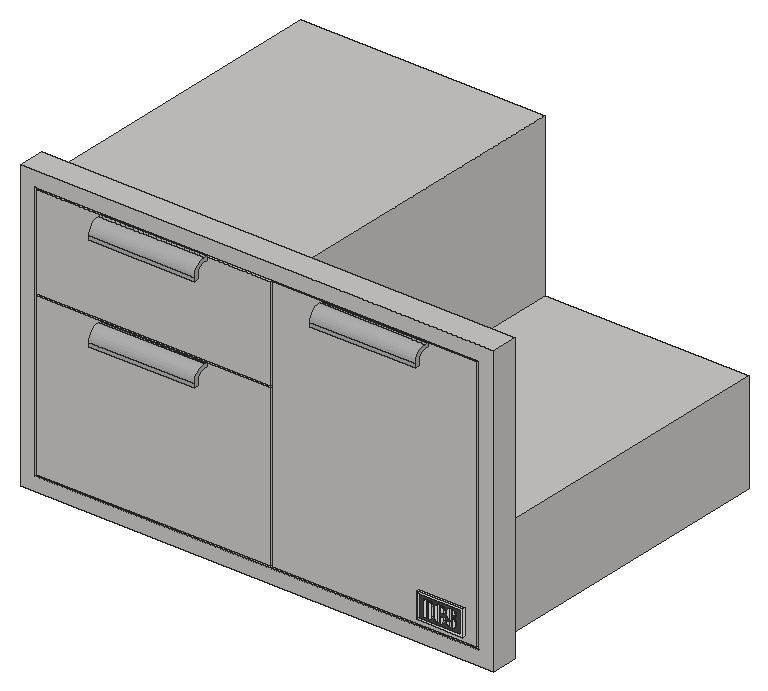
Revit family "DCS_Revit_18_ADR2-36_Storage_593512A", category Specialty Equipment, Revit 2018
Family settings
  Round Connector Dimension = Use Diameter
  Part Type = Normal
  OmniClass Number = 23.40.40.14.17.21
  OmniClass Title = Grills
  Work Plane-Based = No
  Always vertical = Yes
  Cut with Voids When Loaded = Yes
  Shared = No
  Room Calculation Point = No
Parameters (values of type "ADR2-36")
  Visibility - Clearance Required = yes
  URL = "www.dcsappliances.com"
  Product - Width = 914 mm  # constant formula
  Product - Height = 556 mm  # constant formula
  Product - Depth = 676 mm  # constant formula
  Model = "ADR2-36"
  Material - Handle = DCS - Aluminium
  Material - Body = DCS - Stainless Steel
  Manufacturer = "Fisher & Paykel"
  Keynote = ""
  Description = "36\" Access Drawers Built-in"
  Chassis - Width = 864 mm  # constant formula
  Chassis - Height = 507 mm  # constant formula
  Chassis - Depth = 595 mm  # constant formula
  Cavity - Width = 864 mm  # constant formula
  Cavity - Height = 508 mm  # constant formula
  Cavity - Depth = 597 mm  # constant formula
Reference planes
  plane 1 "Center (Front/Back)": y = 0
  plane 2: z = 0
  plane 3 "Center (Left/Right)": x = 0
  plane 4 "Cavity - Height": z = 508
  plane 5 "Product LHS": x = -457
  plane 6 "Product RHS": x = 457
  plane 7 "Product - Depth": y = 595
  plane 8 "Cavity LHS": x = -432
  plane 9 "Cavity RHS": x = 432
  plane 10 "Cavity - Depth": y = 597
  plane 11 "Product - Front": y = -81
  plane 12 "Chassis LHS": x = -432
  plane 13 "Chassis RHS": x = 432
  plane 14 "Product - Height": z = 531
  plane 15 "Chassis - Height": z = 507
  plane 16 "Product - Lower": z = -25
Forms (mm)
  Extrusion 1, solid, material "DCS - Stainless Steel" <- "Material - Body"
    sketch origin (0, 0, 0) x (1, 0, 0) y (0, 0, 1)
      loop
        line (-457, 531) -> (-457, -25) -> (457, -25) -> (457, 531) -> (-457, 531)
      loop
        line (428.4, 3.6) -> (428.4, 502.4) -> (-428.4, 502.4) -> (-428.4, 3.6) -> (428.4, 3.6)
      loop
        line (-425.2, 499.263) -> (-425.2, 318.263) -> (27.2, 318.263) -> (27.2, 499.263) -> (-425.2, 499.263)
      loop
        line (-425.2, 6.737) -> (27.2, 6.737) -> (27.2, 315.063) -> (-425.2, 315.063) -> (-425.2, 6.737)
      loop
        line (425.2, 6.737) -> (425.2, 499.263) -> (30.8, 499.263) -> (30.8, 6.737) -> (425.2, 6.737)
    from 0 to 51
  Extrusion 2, solid, material "DCS - Stainless Steel" <- "Material - Body"
    sketch origin (0, 0, 0) x (1, 0, 0) y (0, 0, 1)
      loop
        line (-432, 507) -> (-432, 0) -> (432, 0) -> (432, 194.016) -> (38.357, 194.016) -> (38.357, 507) -> (-432, 507)
    from -595 to 0
  Extrusion 3, solid, material "DCS - Aluminium" <- "Material - Handle"
    sketch origin (0, 0, 0) x (0, 1, 0) y (0, 0, 1)
      loop
        arc (-56.834, 499.263) -> (-73.881, 492.617) -> (-81, 475.763) r 23.509
        line (-81, 475.763) -> (-81, 469.083) -> (-72.17, 469.083) -> (-72.17, 483.453)
        arc (-72.17, 483.453) -> (-66.093, 489.897) -> (-57.56, 492.273) r 16.51
        line (-57.56, 492.273) -> (-51, 492.273) -> (-51, 499.263) -> (-56.834, 499.263)
      loop
        arc (-56.834, 315.063) -> (-73.881, 308.417) -> (-81, 291.563) r 23.509
        line (-81, 291.563) -> (-81, 284.883) -> (-72.17, 284.883) -> (-72.17, 299.253)
        arc (-72.17, 299.253) -> (-66.093, 305.697) -> (-57.56, 308.073) r 16.51
        line (-57.56, 308.073) -> (-51, 308.073) -> (-51, 315.063) -> (-56.834, 315.063)
    from -300.8 to -96.8
  Extrusion 4, solid, material "DCS - Aluminium" <- "Material - Handle"
    sketch origin (0, 0, 0) x (0, 1, 0) y (0, 0, 1)
      loop
        arc (-56.834, 499.263) -> (-73.881, 492.617) -> (-81, 475.763) r 23.509
        line (-81, 475.763) -> (-81, 469.083) -> (-72.17, 469.083) -> (-72.17, 483.453)
        arc (-72.17, 483.453) -> (-66.093, 489.897) -> (-57.56, 492.273) r 16.51
        line (-57.56, 492.273) -> (-51, 492.273) -> (-51, 499.263) -> (-56.834, 499.263)
    from 125.8 to 329.8
  Extrusion 5, solid, material "DCS - Clearance Required", visible <- "Visibility - Clearance Required", detail levels coarse
    sketch origin (0, 0, 0) x (0, 1, 0) y (0, 0, 1)
      loop
        line (0, 0) -> (597, 0) -> (597, 508) -> (0, 508) -> (0, 0)
    from -432 to 432
  Extrusion 6, void
    sketch origin (0, 0, 0) x (0, 1, 0) y (0, 0, 1)
      loop
        line (0, 0) -> (597, 0) -> (597, 508) -> (0, 508) -> (0, 0)
    from -432 to 432
  Extrusion 7, solid, material "DCS - Clearance Required", visible <- "Visibility - Clearance Required", detail levels coarse
    sketch origin (0, 0, 0) x (0, 1, 0) y (0, 0, 1)
      loop
        arc (-499.394, 499.263) -> (-514.233, 492.391) -> (-521, 477.505) r 23.509
        line (-521, 477.505) -> (-521, 469.146) -> (-491, 469.146) -> (-491, 315.123) -> (-499.394, 315.123)
        arc (-499.394, 315.123) -> (-514.233, 308.251) -> (-521, 293.365) r 23.509
        line (-521, 293.365) -> (-521, 285.006) -> (-491, 285.006) -> (-491, 6.737) -> (-51, 6.737) -> (-51, 499.263) -> (-491, 499.263) -> (-499.394, 499.263)
    from -425.2 to 425.2
Text (mm)
  text "Due to ongoing product development, product details are subject to change without notice. \nPlease always refer to www.fisherpaykel.com for the most current product information. \n© Fisher & Paykel Appliances Ltd 2020" at (40.13, -602.118, 0), in view "Ref. Level (Plan)"
Dimensions and locks
  equal spacing: plane 5 "Product LHS", plane 3 "Center (Left/Right)", plane 6 "Product RHS"
  "Product - Width": plane 5 "Product LHS" to plane 6 "Product RHS"
  equal spacing: plane 8 "Cavity LHS", plane 3 "Center (Left/Right)", plane 9 "Cavity RHS"
  "Cavity - Width": plane 8 "Cavity LHS" to plane 9 "Cavity RHS"
  "Cavity - Depth": plane 10 "Cavity - Depth" to plane 1 "Center (Front/Back)"
  "Cavity - Height": plane 4 "Cavity - Height" to level
  equal spacing: plane 12 "Chassis LHS", plane 3 "Center (Left/Right)", plane 13 "Chassis RHS"
  "Chassis - Width": plane 12 "Chassis LHS" to plane 13 "Chassis RHS"
  "Chassis - Height": plane 15 "Chassis - Height" to level
  locked: level to plane 16 "Product - Lower" at 25
  "Product - Height": plane 16 "Product - Lower" to plane 14 "Product - Height"
  plane 5 "Product LHS" to plane 6 "Product RHS" = 914 mm
  "Chassis - Depth": plane 7 "Product - Depth" to plane 1 "Center (Front/Back)"
  "Product - Depth": plane 7 "Product - Depth" to plane 11 "Product - Front"
  aligned and locked: level to plane 2
  aligned and locked: plane 13 "Chassis RHS" to Extrusion 2 sketch curve
  aligned and locked: level to Extrusion 2 sketch curve
  aligned and locked: Extrusion 2 sketch curve to plane 12 "Chassis LHS"
  aligned and locked: Extrusion 2 sketch curve to plane 15 "Chassis - Height"
  aligned and locked: plane 1 "Center (Front/Back)" to Extrusion 2
  aligned and locked: plane 7 "Product - Depth" to Extrusion 2
  aligned and locked: Extrusion 5 to plane 9 "Cavity RHS"
  aligned and locked: plane 8 "Cavity LHS" to Extrusion 5
  aligned and locked: plane 10 "Cavity - Depth" to Extrusion 5
  aligned and locked: plane 8 "Cavity LHS" to Extrusion 6
  aligned and locked: Extrusion 6 to plane 9 "Cavity RHS"
  aligned and locked: plane 10 "Cavity - Depth" to Extrusion 6
Automatic sketch dimensions
  plane 3 "Center (Left/Right)" to Extrusion 2 sketch curve = 38.357 mm
  level to Extrusion 2 sketch curve = 194.016 mm
  Extrusion 3 sketch curve to plane 11 "Product - Front" = 0 mm  (x2)
  plane 11 "Product - Front" to Extrusion 3 sketch curve = 8.83 mm  (x2)
  Extrusion 3 sketch curve to Extrusion 3 sketch curve = 14.61 mm  (x2)
  Extrusion 3 sketch curve to Extrusion 3 sketch curve = 0.069 mm  (x2)
  Extrusion 3 sketch curve to Extrusion 3 sketch curve = 0.726 mm  (x2)
  Extrusion 3 sketch curve to Extrusion 3 sketch curve = 6.56 mm  (x2)
  Extrusion 3 sketch curve to plane 15 "Chassis - Height" = 222.117 mm
  Extrusion 3 sketch curve to Extrusion 3 sketch curve = 6.681 mm  (x2)
  Extrusion 3 sketch curve to Extrusion 3 sketch curve = 0 mm  (x2)
  Extrusion 3 sketch curve to Extrusion 3 sketch curve = 7.689 mm  (x2)
  Extrusion 3 sketch curve to plane 15 "Chassis - Height" = 37.917 mm
  Extrusion 5 sketch curve to plane 1 "Center (Front/Back)" = 0 mm
  Extrusion 5 sketch curve to plane 4 "Cavity - Height" = 0 mm
  Extrusion 5 sketch curve to plane 10 "Cavity - Depth" = 0 mm
  Extrusion 5 sketch curve to level = 0 mm
  Extrusion 6 sketch curve to plane 1 "Center (Front/Back)" = 0 mm
  Extrusion 6 sketch curve to plane 4 "Cavity - Height" = 0 mm
  Extrusion 6 sketch curve to plane 10 "Cavity - Depth" = 0 mm
  Extrusion 6 sketch curve to level = 0 mm
  plane 5 "Product LHS" to Extrusion 1 sketch curve = 0 mm
  Extrusion 1 sketch curve to plane 16 "Product - Lower" = 0 mm
  Extrusion 1 sketch curve to plane 14 "Product - Height" = 0 mm
  Extrusion 1 sketch curve to plane 8 "Cavity LHS" = 3.6 mm
  Extrusion 1 sketch curve to plane 8 "Cavity LHS" = 6.8 mm
  Extrusion 1 sketch curve to Extrusion 1 sketch curve = 3.2 mm  (x2)
  plane 3 "Center (Left/Right)" to Extrusion 1 sketch curve = 27.2 mm  (x2)
  level to Extrusion 1 sketch curve = 6.737 mm
  Extrusion 1 sketch curve to Extrusion 1 sketch curve = 3.6 mm
  plane 9 "Cavity RHS" to Extrusion 1 sketch curve = 6.8 mm
  plane 9 "Cavity RHS" to Extrusion 1 sketch curve = 3.6 mm
  level to Extrusion 1 sketch curve = 3.6 mm
  Extrusion 1 sketch curve to Extrusion 1 sketch curve = 0 mm  (x2)
  Extrusion 1 sketch curve to plane 15 "Chassis - Height" = 191.937 mm
  Extrusion 1 sketch curve to plane 15 "Chassis - Height" = 7.737 mm
  Extrusion 1 sketch curve to Extrusion 1 sketch curve = 3.137 mm
  plane 6 "Product RHS" to Extrusion 1 sketch curve = 0 mm
  Extrusion 4 sketch curve to plane 11 "Product - Front" = 0 mm
  Extrusion 4 sketch curve to Extrusion 4 sketch curve = 8.83 mm
  Extrusion 4 sketch curve to Extrusion 4 sketch curve = 14.61 mm
  Extrusion 4 sketch curve to Extrusion 4 sketch curve = 0.069 mm
  Extrusion 4 sketch curve to Extrusion 4 sketch curve = 0.726 mm
  Extrusion 4 sketch curve to Extrusion 4 sketch curve = 6.56 mm
  Extrusion 4 sketch curve to plane 15 "Chassis - Height" = 37.917 mm
  Extrusion 4 sketch curve to Extrusion 4 sketch curve = 6.681 mm
  Extrusion 4 sketch curve to Extrusion 4 sketch curve = 0 mm
  Extrusion 4 sketch curve to Extrusion 4 sketch curve = 7.689 mm
  Extrusion 7 sketch curve to plane 11 "Product - Front" = 440 mm
  Extrusion 7 sketch curve to plane 15 "Chassis - Height" = 29.495 mm
  Extrusion 7 sketch curve to Extrusion 7 sketch curve = 0 mm
  Extrusion 7 sketch curve to Extrusion 7 sketch curve = 21.606 mm  (x2)
  Extrusion 7 sketch curve to plane 15 "Chassis - Height" = 7.737 mm
  Extrusion 7 sketch curve to Extrusion 7 sketch curve = 1.843 mm
  Extrusion 7 sketch curve to Extrusion 7 sketch curve = 23.449 mm
  Extrusion 7 sketch curve to Extrusion 7 sketch curve = 6.551 mm
  Extrusion 7 sketch curve to Extrusion 7 sketch curve = 8.394 mm  (x2)
  plane 11 "Product - Front" to Extrusion 7 sketch curve = 30 mm
  Extrusion 7 sketch curve to Extrusion 7 sketch curve = 190.82 mm
  Extrusion 7 sketch curve to Extrusion 7 sketch curve = 6.681 mm
  Extrusion 7 sketch curve to Extrusion 7 sketch curve = 8.359 mm  (x2)
  level to Extrusion 7 sketch curve = 6.737 mm
Nested families
  nested 1: "DCS Logo New Large" at (357.5, -51, 42.5), type "DCS Logo New Large"
Definition of nested family "DCS Logo New Large"
  Parameters (values of type "DCS Logo New Large")
    URL = "www.dcsappliances.com"
    Product - Width = 89.45 mm
    Product - Height = 49 mm
    Product - Depth = 6 mm
    Material - Logo = none
    Material - Body = none
    Manufacturer = "Fisher & Paykel Appliances"
  Reference planes
    plane 1 "Center (Front/Back)": y = 0
    plane 2: z = 0
    plane 3 "Center (Left/Right)": x = 0
    plane 4 "Product Top": z = 24.5
    plane 5 "Product LHS": x = -44.725
    plane 6 "Product RHS": x = 44.725
    plane 7 "Product - Depth": y = -6
    plane 8 "Product Bottom": z = -24.5
  Forms (mm)
    Extrusion 1, solid, material <- "Material - Logo", detail levels medium+fine
      sketch origin (0, 0, -0.347) x (1, 0, 0) y (0, 0, 1)
        loop
          line (-44.725, 24.847) -> (-44.725, -24.153) -> (44.725, -24.153) -> (44.725, 24.847) -> (-44.725, 24.847)
        loop
          line (-41.725, 21.847) -> (-41.725, -21.153) -> (41.725, -21.153) -> (41.725, 21.847) -> (-41.725, 21.847)
      from 0 to 6
    Extrusion 2, solid, material <- "Material - Body", detail levels medium+fine
      sketch origin (0, 0, 0) x (1, 0, 0) y (0, 0, 1)
        loop
          line (-41.725, 21.5) -> (-41.725, -21.5) -> (41.725, -21.5) -> (41.725, 21.5) -> (-41.725, 21.5)
      from 0 to 4.974
    Extrusion 3, solid, material <- "Material - Logo", detail levels fine
      sketch origin (0, 0, 0) x (1, 0, 0) y (0, 0, 1)
        loop
          line (-31.141, 15.364) -> (-31.141, -15.364) -> (-25.323, -15.364) -> (-25.323, 15.364) -> (-31.141, 15.364)
        loop
          arc (-20.07, -15.416) -> (-15.93, -13.415) -> (-14.252, -9.134) r 6.301
          line (-14.252, -9.134) -> (-14.252, 9.134)
          arc (-14.252, 9.134) -> (-15.93, 13.414) -> (-20.07, 15.412) r 6.296
          line (-20.07, 15.412) -> (-20.07, -15.416)
        loop
          arc (-8.445, -9.134) -> (-6.767, -13.414) -> (-2.627, -15.412) r 6.296
          line (-2.627, -15.412) -> (-2.627, 15.416)
          arc (-2.627, 15.416) -> (-6.767, 13.415) -> (-8.445, 9.134) r 6.301
          line (-8.445, 9.134) -> (-8.445, -9.134)
        loop
          arc (2.627, -15.377) -> (6.765, -13.401) -> (8.445, -9.134) r 6.259
          line (8.445, -9.134) -> (8.445, -4.011) -> (2.627, -4.011) -> (2.627, -15.377)
        loop
          arc (8.445, 9.134) -> (6.767, 13.414) -> (2.627, 15.412) r 6.296
          line (2.627, 15.412) -> (2.627, 4.011) -> (8.445, 4.011) -> (8.445, 9.134)
        loop
          line (20.07, -2.527) -> (20.07, 15.375)
          arc (20.07, 15.375) -> (15.932, 13.4) -> (14.252, 9.134) r 6.257
          line (14.252, 9.134) -> (14.252, 4.145)
          arc (14.252, 4.145) -> (16.005, -0.199) -> (20.07, -2.527) r 7.155
        loop
          line (14.252, -6.875) -> (14.252, -9.134)
          arc (14.252, -9.134) -> (15.93, -13.414) -> (20.07, -15.412) r 6.296
          line (20.07, -15.412) -> (20.07, -6.875) -> (14.252, -6.875)
        loop
          line (25.323, 2.499) -> (25.323, -15.378)
          arc (25.323, -15.378) -> (29.461, -13.401) -> (31.141, -9.134) r 6.259
          line (31.141, -9.134) -> (31.141, -4.145)
          arc (31.141, -4.145) -> (29.481, 0.271) -> (25.323, 2.499) r 6.702
        loop
          line (25.323, 6.875) -> (31.141, 6.875) -> (31.141, 9.134)
          arc (31.141, 9.134) -> (29.464, 13.419) -> (25.323, 15.427) r 6.313
          line (25.323, 15.427) -> (25.323, 6.875)
      from 4.974 to 6
  Dimensions and locks
    plane 7 "Product - Depth" to plane 1 "Center (Front/Back)" = 6 mm
    equal spacing: Extrusion 1 sketch curve, plane 3 "Center (Left/Right)", Extrusion 1 sketch curve
    "Product - Depth": plane 7 "Product - Depth" to plane 1 "Center (Front/Back)"
    equal spacing: plane 4 "Product Top", level, plane 8 "Product Bottom"
    "Product - Height": plane 4 "Product Top" to plane 8 "Product Bottom"
    equal spacing: plane 5 "Product LHS", plane 3 "Center (Left/Right)", plane 6 "Product RHS"
    "Product - Width": plane 5 "Product LHS" to plane 6 "Product RHS"
    aligned and locked: level to plane 2
    aligned and locked: Extrusion 1 to plane 7 "Product - Depth"
    aligned and locked: Extrusion 3 to plane 7 "Product - Depth"
    aligned and locked: plane 6 "Product RHS" to Extrusion 1 sketch curve
    aligned and locked: Extrusion 1 sketch curve to plane 4 "Product Top"
    aligned and locked: plane 8 "Product Bottom" to Extrusion 1 sketch curve
    aligned and locked: Extrusion 1 sketch curve to plane 5 "Product LHS"
    aligned and locked: Extrusion 2 sketch curve to Extrusion 1  (x4)
  Automatic sketch dimensions
    Extrusion 3 sketch curve to plane 5 "Product LHS" = 13.584 mm
    Extrusion 3 sketch curve to Extrusion 3 sketch curve = 5.818 mm  (x5)
    Extrusion 3 sketch curve to Extrusion 3 sketch curve = 4.771 mm
    Extrusion 3 sketch curve to Extrusion 3 sketch curve = 4.775 mm
    Extrusion 3 sketch curve to Extrusion 3 sketch curve = 6.296 mm
    Extrusion 3 sketch curve to Extrusion 3 sketch curve = 5.807 mm  (x3)
    Extrusion 3 sketch curve to plane 3 "Center (Left/Right)" = 2.627 mm
    Extrusion 3 sketch curve to plane 3 "Center (Left/Right)" = 2.149 mm
    Extrusion 3 sketch curve to plane 3 "Center (Left/Right)" = 2.144 mm
    plane 3 "Center (Left/Right)" to Extrusion 3 sketch curve = 2.148 mm
    plane 3 "Center (Left/Right)" to Extrusion 3 sketch curve = 2.186 mm
    plane 3 "Center (Left/Right)" to Extrusion 3 sketch curve = 2.627 mm  (x2)
    Extrusion 3 sketch curve to level = 2.527 mm
    Extrusion 3 sketch curve to Extrusion 3 sketch curve = 0 mm  (x3)
    Extrusion 3 sketch curve to Extrusion 3 sketch curve = 0.439 mm
    Extrusion 3 sketch curve to Extrusion 3 sketch curve = 0.478 mm
    level to Extrusion 3 sketch curve = 4.504 mm
    Extrusion 3 sketch curve to Extrusion 3 sketch curve = 0.889 mm
    Extrusion 3 sketch curve to Extrusion 3 sketch curve = 4.369 mm
    Extrusion 3 sketch curve to Extrusion 3 sketch curve = 4.32 mm
    Extrusion 3 sketch curve to Extrusion 3 sketch curve = 4.334 mm
    Extrusion 3 sketch curve to Extrusion 3 sketch curve = 5.254 mm  (x3)
    Extrusion 3 sketch curve to Extrusion 3 sketch curve = 6.702 mm
    Extrusion 3 sketch curve to level = 4.011 mm
    Extrusion 3 sketch curve to level = 4.145 mm
    Extrusion 3 sketch curve to Extrusion 3 sketch curve = 2.865 mm
    Extrusion 3 sketch curve to Extrusion 3 sketch curve = 4.989 mm
    Extrusion 3 sketch curve to Extrusion 3 sketch curve = 5.123 mm  (x2)
    Extrusion 3 sketch curve to Extrusion 3 sketch curve = 2.259 mm  (x2)
    Extrusion 3 sketch curve to level = 9.134 mm
    Extrusion 3 sketch curve to Extrusion 3 sketch curve = 6.23 mm  (x2)
    level to Extrusion 3 sketch curve = 4.011 mm
    level to Extrusion 3 sketch curve = 6.875 mm
    level to Extrusion 3 sketch curve = 9.134 mm
    Extrusion 3 sketch curve to Extrusion 3 sketch curve = 4.63 mm
    Extrusion 1 sketch curve to plane 5 "Product LHS" = 3 mm
    Extrusion 1 sketch curve to plane 4 "Product Top" = 3 mm
    plane 8 "Product Bottom" to Extrusion 1 sketch curve = 3 mm
